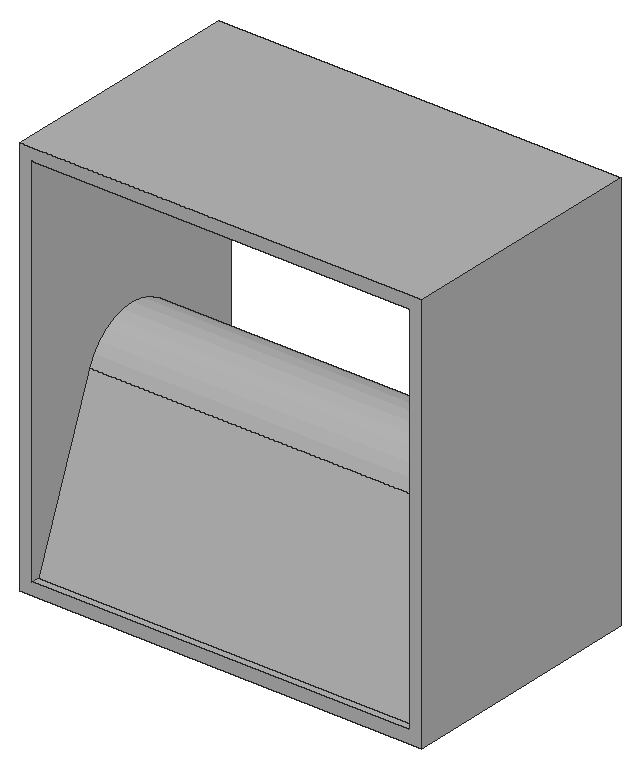
Revit family "3039982 Lighting Fixture_Sylvania_Lumina Cube LED_Wall Mounted", category Lighting Fixtures, host Face, Revit 2017
Family settings
  Host = Face
  Round Connector Dimension = Use Diameter
  Part Type = Normal
  OmniClass Number = 23.80.70.11.17
  OmniClass Title = Specialized Lighting by Location or Use
  Cut with Voids When Loaded = No
  Light Source = Yes
  Shared = No
  Room Calculation Point = No
Parameters (values of type "Lumina Cube LED 2700K")
  Width = Length  # 100.0 mm
  Wattage = 6 W
  built-in parameter 1150110 = 1 (stored number, unit not read)
  Voltage Comments = "UNV (Universal Voltage; 100-240 Volt)"  # constant formula
  Voltage = 240 V  # constant formula
  URL = "http://www.sylvania-lighting.com"
  built-in parameter 1114217 = 1 (stored number, unit not read)
  Tilt Angle = 90.00°
  built-in parameter 1150109 = 1 (stored number, unit not read)
  built-in parameter 1150134 = (empty or 0)
  built-in parameter 1150113 = 1 (stored number, unit not read)
  Product Page URL = "http://www.sylvania-lighting.com/product/en-int/products/3039982"
  Product Family = "Lumina LED"  # constant formula
  Photometry Comments = ""
  Photometric Web File = "3039982_LuminaCubeLED2700K-183012.ies"
  built-in parameter 1150105 = 23.396 (stored number, unit not read)
  Lumens = 294 lm
  built-in parameter 1150115 = 1 (stored number, unit not read)
  built-in parameter 1150137 = (empty or 0)
  built-in parameter 1150139 = (empty or 0)
  Light Distribution = "Direct/Indirect"  # constant formula
  Life = "30 000h"  # constant formula
  Length = 100.0 mm
  built-in parameter 1150112 = 1 (stored number, unit not read)
  built-in parameter 1150114 = 1 (stored number, unit not read)
  built-in parameter 1150132 = 2
  built-in parameter 1150102 = (empty or 0)
  built-in parameter 1150107 = 2700 (stored number, unit not read)
  built-in parameter 1150138 = (empty or 0)
  built-in parameter 1150106 = 0.23396 (stored number, unit not read)
  IP Rating = "IP20"  # constant formula
  Height = 62.0 mm
  Energy Class = "A++, A+, A"  # constant formula
  Emit from Circle Diameter = 7.0 mm  # constant formula
  Emit Shape Visible in Rendering = no
  Electrical Protection = "Class II"  # constant formula
  built-in parameter 1150104 = 4.5522 (stored number, unit not read)
  Drive Current = "500mA"  # constant formula
  Dimming Lamp Color Temperature Shift = <None>
  Color Filter = 16777215
  built-in parameter 1114218 = 1 (stored number, unit not read)
  built-in parameter 1150133 = 10 (stored number, unit not read)
  built-in parameter 1114216 [instance] = 1 (stored number, unit not read)
  Body Material = Aluminum_Sylvania_Cube LED_White_RAL 9016
  Model = "3039982 Lumina Cube LED 2700K"
  Manufacturer = "Feilo Sylvania"  # constant formula
  Lamp = "LED"
  Accessory Material = Aluminum_Sylvania_Cube LED_White_RAL 9016
  Description = "Lumina LED is a new range of ambient & decorative LED wall lights. Consisting of multiple decorative styles, they are suitable for use in any hospitality or residential application such as reception areas, hallways and lounge spaces. Lumina LED offers a selection of different styles to suit multiple applications. With a 2,700K colour temperature it provides a soft and ambient lighting effect. Lumina LED provides direct/indirect ambient light with an efficacy of up to 87lm/W; up to 50% more energy efficient than equivalent products using traditional lamp sources."  # constant formula
  Default Elevation = 0.0 mm
  built-in parameter 1140040 [instance] = 1
  Assembly Code = "D5020200"
  Apparent Load Comments = ""
  Apparent Load = 6 VA
Reference planes
  plane 1 "Center (Front/Back)": y = 0
  plane 2 "Fixture Back": z = 0
  plane 3 "Center (Left/Right)": x = 0
  plane 4 "Fixture Left": x = 50
  plane 5 "Fixture Right": x = -50
  plane 6 "Fixture Front": z = 100
  plane 7 "Fixture Top": y = 31
  plane 8 "Fixture Bottom": y = -31
  plane 9: x = -47
  plane 10: x = 47
  plane 11 "Light Source": z = 97
  plane 12: z = 3
  plane 13: y = -29
  plane 14: y = 29
Forms (mm)
  Extrusion 1, solid, material "Aluminum_Sylvania_Cube LED_White_RAL 9016" <- "Accessory Material"
    sketch origin (0, 0, 0) x (1, 0, 0) y (0, 0, 1)
      loop
        line (-50, 100) -> (-50, 0) -> (50, 0) -> (50, 100) -> (-50, 100)
      loop
        line (47, 97) -> (-47, 97) -> (-47, 3) -> (47, 3) -> (47, 97)
    from -31 to 31
  Extrusion 2, solid, material "Aluminum_Sylvania_Cube LED_White_RAL 9016" <- "Body Material"
    sketch origin (0, 0, 0) x (0, 1, 0) y (0, 0, 1)
      loop
        line (29, 3) -> (13.163, 43)
        arc (13.163, 43) -> (0, 51.945) -> (-13.163, 43) r 14.157
        line (-13.163, 43) -> (-29, 3) -> (29, 3)
      loop
        arc (11.303, 42.264) -> (0, 49.945) -> (-11.303, 42.264) r 12.157
        line (-11.303, 42.264) -> (-26.057, 5) -> (26.057, 5) -> (11.303, 42.264)
    from -47 to 47
Dimensions and locks
  equal spacing: plane 4 "Fixture Left", plane 3 "Center (Left/Right)", plane 5 "Fixture Right"
  "Length": plane 4 "Fixture Left" to plane 5 "Fixture Right"
  plane 6 "Fixture Front" to plane 2 "Fixture Back" = 100.0 mm
  "Width": plane 6 "Fixture Front" to plane 2 "Fixture Back"
  equal spacing: plane 7 "Fixture Top", plane 1 "Center (Front/Back)", plane 8 "Fixture Bottom"
  "Height": plane 7 "Fixture Top" to plane 8 "Fixture Bottom"
  locked: plane 12 to plane 2 "Fixture Back" at 3
  locked: plane 6 "Fixture Front" to plane 11 "Light Source" at 3
  locked: plane 9 to plane 5 "Fixture Right" at 3
  locked: plane 4 "Fixture Left" to plane 10 at 3
  locked: plane 7 "Fixture Top" to plane 14 at 2
  locked: plane 13 to plane 8 "Fixture Bottom" at 2
  aligned and locked: level to host face
  aligned and locked: level to plane 2 "Fixture Back"
  aligned and locked: Extrusion 2 to plane 9
  aligned and locked: plane 10 to Extrusion 2
  aligned and locked: Extrusion 2 sketch curve to plane 12
  aligned and locked: plane 14 to Extrusion 2 sketch curve
  aligned and locked: plane 13 to Extrusion 2 sketch curve
  aligned and locked: Extrusion 1 sketch curve to plane 6 "Fixture Front"
  aligned and locked: plane 5 "Fixture Right" to Extrusion 1 sketch curve
  aligned and locked: level to Extrusion 1 sketch curve
  aligned and locked: Extrusion 1 sketch curve to plane 4 "Fixture Left"
  aligned and locked: Extrusion 1 sketch curve to plane 11 "Light Source"
  aligned and locked: plane 10 to Extrusion 1 sketch curve
  aligned and locked: Extrusion 1 sketch curve to Extrusion 2  (x2)
  aligned and locked: plane 8 "Fixture Bottom" to Extrusion 1
  aligned and locked: Extrusion 1 to plane 7 "Fixture Top"
  aligned and locked: imposter light to plane 11 "Light Source"
  aligned and locked: imposter light to plane 1 "Center (Front/Back)"
  aligned and locked: imposter light to plane 3 "Center (Left/Right)"
Automatic sketch dimensions
  host sketch curve to host sketch curve = 1548.75 mm
  host sketch curve to host sketch curve = 1415.87 mm
  Extrusion 2 sketch curve to plane 1 "Center (Front/Back)" = 0.0 mm
  plane 1 "Center (Front/Back)" to Extrusion 2 sketch curve = 13.163 mm
  Extrusion 2 sketch curve to Extrusion 2 sketch curve = 0.0 mm  (x3)
  Extrusion 2 sketch curve to Extrusion 2 sketch curve = 1.86 mm
  plane 12 to Extrusion 2 sketch curve = 2.0 mm
  Extrusion 2 sketch curve to plane 13 = 2.943 mm
  plane 14 to Extrusion 2 sketch curve = 2.943 mm
  Extrusion 2 sketch curve to plane 1 "Center (Front/Back)" = 11.303 mm
  Extrusion 2 sketch curve to Extrusion 2 sketch curve = 4.475 mm
  Extrusion 2 sketch curve to plane 1 "Center (Front/Back)" = 13.163 mm
  plane 12 to Extrusion 2 sketch curve = 39.264 mm
  Extrusion 2 sketch curve to Extrusion 2 sketch curve = 0.736 mm
Connectors
  electrical at (0, 0, 0), driven by "Voltage", driven by "Apparent Load"
    settings: on Extrusion 1, index 1, voltage 240 V, apparent load 0 VA, apparent load phase1 6 VA, apparent load phase2 0 VA, apparent load phase3 0 VA, power factor 1, load classification "Lighting", number of poles 1, system type 31, power factor state 1, is connector primary yes, connector utility no, sub classification motor no, connector description ""
